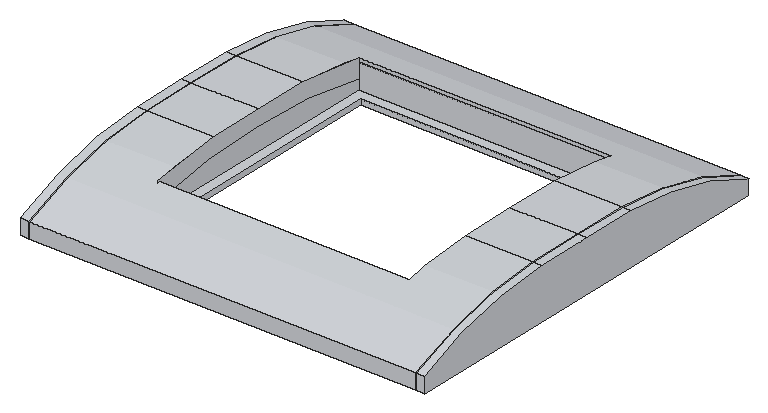
Revit family "Gira_0211327", category Electrical Fixtures, host Face, Revit 2017
Family settings
  Host = Face
  Maintain Annotation Orientation = No
  Round Connector Dimension = Use Diameter
  Part Type = Normal
  Cut with Voids When Loaded = No
  Shared = No
  Room Calculation Point = No
Parameters (values of type "Abdeckrahmen 1f Zwischenr. RW Gira Event Reinweiß m")
  Werkstoffgüte = "Thermoplast"
  Werkstoff = "Kunststoff"
  URL = "http://katalog.gira.de/de_DE/datenblatt.html?artikelnr=0211327"
  Transparent = "No"
  Textfeld/Beschriftungsfläche = "No"
  Schutzart (IP) = "IP20"
  Region = "DE"
  RAL-Nummer (ähnlich) = "9010 "
  Oberfläche = "sonstige"
  Name = "Abdeckrahmen 1f Zwischenr. RW Gira Event Reinweiß m"
  Montagerichtung = "horizontal und vertikal"
  Mit Montagerahmen = "No"
  Mit Klappdeckel = "No"
  Manufacturer URL = "https://www.gira.de/"
  Keynote = "Event_Rahmen_1fach"
  HeinzeBIM = "https://bimportal.heinze.de/bim/abdeckrahmen-1f-zwischenr-rw-gira-event-reinweiss-m/40419200293ae6c47bd56117450fc9b1e1aaaf92"
  Halogenfrei = "Yes"
  HAN = "0211327"
  Geeignet für Unterputz-Installation = "Yes"
  Geeignet für Unterflurkanaldose = "No"
  Geeignet für Geräteeinbaukanal = "No"
  Geeignet für Einbauinstallation = "No"
  GTIN = "4010337074168"
  Farbe = "weiß"
  Default Elevation = 1219.2 mm
  Data sheet (1) = "https://katalog.gira.de/de_DE/download.html?artikelnr=0211327"
  Category = "Abdeckrahmen"
  Befestigungsart = "Klemmbefestigung"
  Available = "Yes"
  Ausführung der Oberfläche = "matt"
  Anzahl der Einheiten vertikal = "1 "
  Anzahl der Einheiten horizontal = "1 "
  Anzahl der Einheiten = "1 "
Reference planes
  plane 1 "Center (Front/Back)": y = 0
  plane 2: z = 0
  plane 3 "Center (Left/Right)": x = 0
Forms (mm)
  Extrusion 1, solid, detail levels fine
    sketch origin (0, 0, 1.55) x (0, 1, 0) y (0, 0, 1)
      loop
        arc (12.445, 9.683) -> (6.223, 9.833) -> (0, 9.85) r 291.636
        arc (0, 9.85) -> (-6.223, 9.833) -> (-12.445, 9.683) r 291.636
        arc (-12.445, 9.683) -> (-29.14, 7.482) -> (-45, 1.823) r 79.728
        line (-45, 1.823) -> (-45, -1.55) -> (-41.777, -1.55) -> (-41.777, -0.55)
        arc (-41.777, -0.55) -> (-21.205, 4.846) -> (0, 6.467) r 118.15
        arc (0, 6.467) -> (21.205, 4.846) -> (41.777, -0.55) r 118.15
        line (41.777, -0.55) -> (41.777, -1.55) -> (45, -1.55) -> (45, 1.823)
        arc (45, 1.823) -> (29.14, 7.482) -> (12.445, 9.683) r 79.728
    from -43 to 43
  Extrusion 2, void, detail levels fine
    sketch origin (0, 0, 0) x (1, 0, 0) y (0, 1, 0)
      loop
        line (-28, -28) -> (28, -28) -> (28, 28) -> (-28, 28) -> (-28, -28)
    from 2.85 to 12
  Extrusion 3, solid, detail levels coarse
    sketch origin (0, 0, 0) x (1, 0, 0) y (0, 1, 0)
      loop
        line (-45, 45) -> (-45, -45) -> (45, -45) -> (45, 45) -> (-45, 45)
    from 0 to 11.4
  Extrusion 4, solid, detail levels medium
    sketch origin (0, 0, 1.55) x (0, 1, 0) y (0, 0, 1)
      loop
        arc (12.445, 9.683) -> (6.223, 9.833) -> (0, 9.85) r 291.636
        arc (0, 9.85) -> (-6.223, 9.833) -> (-12.445, 9.683) r 291.636
        arc (-12.445, 9.683) -> (-29.14, 7.482) -> (-45, 1.823) r 79.728
        line (-45, 1.823) -> (-45, -1.55) -> (45, -1.55) -> (45, 1.823)
        arc (45, 1.823) -> (29.14, 7.482) -> (12.445, 9.683) r 79.728
    from -45 to 45
  Extrusion 5, solid, detail levels fine
    sketch origin (0, 0, 0) x (0, 1, 0) y (0, 0, 1)
      loop
        arc (45, 3.373) -> (29.14, 9.032) -> (12.445, 11.233) r 79.728
        arc (12.445, 11.233) -> (6.223, 11.383) -> (0, 11.4) r 291.636
        arc (0, 11.4) -> (-6.223, 11.383) -> (-12.445, 11.233) r 291.636
        arc (-12.445, 11.233) -> (-29.14, 9.032) -> (-45, 3.373) r 79.728
        line (-45, 3.373) -> (-45, 0) -> (45, 0) -> (45, 3.373)
    from 43 to 45
  Extrusion 6, solid, detail levels fine
    sketch origin (0, 0, 0) x (0, 1, 0) y (0, 0, -1)
      loop
        line (45, -3.373) -> (45, 0) -> (-45, 0) -> (-45, -3.373)
        arc (-45, -3.373) -> (-29.14, -9.032) -> (-12.445, -11.233) r 79.728
        arc (-12.445, -11.233) -> (-6.223, -11.383) -> (0, -11.4) r 291.636
        arc (0, -11.4) -> (6.223, -11.383) -> (12.445, -11.233) r 291.636
        arc (12.445, -11.233) -> (29.14, -9.032) -> (45, -3.373) r 79.728
    from 43 to 45
  Extrusion 7, solid, detail levels fine
    sketch origin (0, 0, 0) x (1, 0, 0) y (0, 1, 0)
      loop
        line (-25.7, 25.7) -> (-25.7, -25.7) -> (25.7, -25.7) -> (25.7, 25.7) -> (-25.7, 25.7)
      loop
        line (-29.495, 27.895) -> (-29.495, -27.895)
        spline (-29.495, -27.895) -> (-29.486, -28.025) -> (-29.461, -28.154) -> (-29.419, -28.278) -> (-29.361, -28.395) -> (-29.288, -28.504) -> (-29.202, -28.602) -> (-29.104, -28.688) -> (-28.995, -28.761) -> (-28.878, -28.819) -> (-28.754, -28.861) -> (-28.625, -28.886) -> (-28.495, -28.895)
        line (-28.495, -28.895) -> (28.495, -28.895)
        spline (28.495, -28.895) -> (28.625, -28.886) -> (28.754, -28.861) -> (28.878, -28.819) -> (28.995, -28.761) -> (29.104, -28.688) -> (29.202, -28.602) -> (29.288, -28.504) -> (29.361, -28.395) -> (29.419, -28.278) -> (29.461, -28.154) -> (29.486, -28.025) -> (29.495, -27.895)
        line (29.495, -27.895) -> (29.495, 27.895)
        spline (29.495, 27.895) -> (29.486, 28.025) -> (29.461, 28.154) -> (29.419, 28.278) -> (29.361, 28.395) -> (29.288, 28.504) -> (29.202, 28.602) -> (29.104, 28.688) -> (28.995, 28.761) -> (28.878, 28.819) -> (28.754, 28.861) -> (28.625, 28.886) -> (28.495, 28.895)
        line (28.495, 28.895) -> (-28.495, 28.895)
        spline (-28.495, 28.895) -> (-28.625, 28.886) -> (-28.754, 28.861) -> (-28.878, 28.819) -> (-28.995, 28.761) -> (-29.104, 28.688) -> (-29.202, 28.602) -> (-29.288, 28.504) -> (-29.361, 28.395) -> (-29.419, 28.278) -> (-29.461, 28.154) -> (-29.486, 28.025) -> (-29.495, 27.895)
    from 1.673 to 8.5
Cuts and joins
  Extrusion 2 cuts Extrusion 1
  Extrusion 2 cuts Extrusion 7
Dimensions and locks
  aligned and locked: plane 2 to host face
  aligned and locked: level to host face
